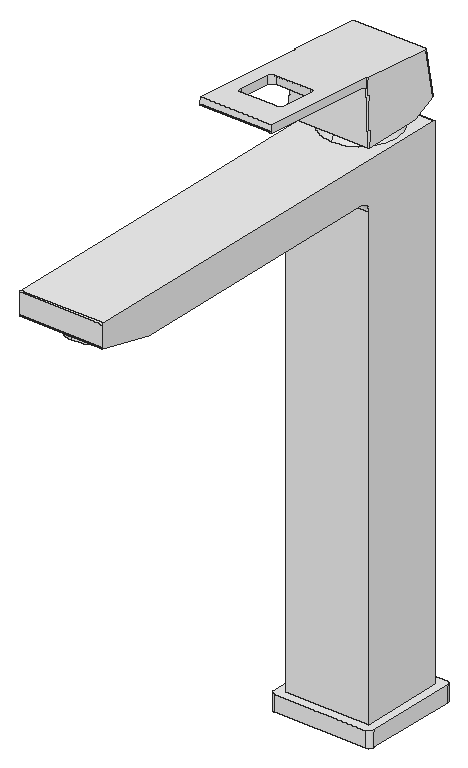
Revit family "Faucet-Lavatory-Grohe-Eurocube-23671_Series", category Plumbing Fixtures, Revit 2019
Family settings
  Round Connector Dimension = Use Diameter
  Part Type = Normal
  OmniClass Number = 23.45.55.14
  OmniClass Title = Single Faucets
  Work Plane-Based = Yes
  Always vertical = No
  Cut with Voids When Loaded = No
  Shared = Yes
  Room Calculation Point = No
Parameters (values of type "23671000")
  Waste Connection = no
  Warranty Information = "Limited lifetime warranty"
  WFU = 2  # constant formula
  Vent Connection = no
  URL = "https://www.grohe.us/"
  Tempered Water Connection = yes
  Revised Date = "06/01/2023"  # constant formula
  Product Page URL = "https://www.grohe.us/Vessel-Faucets/Single-Hole-Single-Handle-Deck-Mount-Vessel-Sink-Faucet-12-GPM/GROHE-CHROME-23671000"
  Product Documentation Link = "https://americanstandard.box.com/shared/static/cjx126ziiwddtka9b34hihuvhjseay32.pdf"
  Model = "23671000"
  Material = "Brass-Grohe-000-StarLight Chrome"
  Manufacturer = "Grohe"
  Length = 7 1/16"  # constant formula
  Installation Type = "Deck-Mounted"
  Height = 12 5/16"  # constant formula
  HWFU = 1.5  # constant formula
  HW Connection = no
  Flow Rate = "1.2 GPM"
  Finish = Brass-Grohe-000-StarLight Chrome
  Description = "Single Hole Single-Handle Deck Mount Vessel Sink Faucet 1.2 GPM"  # constant formula
  Default Elevation = 0"
  Creation Date = "02/06/2017"  # constant formula
  Connection Size = 3/8"  # constant formula
  Compliance Certifications = "• ADA • WaterSense • CEC Certified • Low Lead Certified • CALGreen Compliant • Massachusetts Plumbing Board Approved • Energy Policy Act of 1992 • NSF 61 • NSF 372 • CSA B125.1 • ASME A112.18.1 • Complies with lead plumbing laws"
  CalGreen Compliant = yes
  CWFU = 1.5  # constant formula
  CW Connection = no
  CEC Compliant = yes
  Assembly Code = "D2020300"
  ADA Compliant = yes
  48657 Vessel sink pop-up drain = no
  48656 Vessel sink pop-up drain = no
  46786000 Lever = yes
  46715000 Fitting Ring = yes
  46580000 Cartridge = yes
  28951 Grid Drain = no
Types (5): name | Product Page URL | Model | Material | Finish
  (no name) | "https://www.grohe.us/Vessel-Faucets/Single-Hole-Single-Handle-Deck-Mount-Vessel-Sink-Faucet-12-GPM/GROHE-CHROME-23671000" | "23671000" | "Brass-Grohe-000-StarLight Chrome" | Brass-Grohe-000-StarLight Chrome
  23671000 | "https://www.grohe.us/Vessel-Faucets/Single-Hole-Single-Handle-Deck-Mount-Vessel-Sink-Faucet-12-GPM/GROHE-CHROME-23671000" | "23671000" | "Brass-Grohe-000-StarLight Chrome" | Brass-Grohe-000-StarLight Chrome
  23671A00 | "https://www.grohe.us/Vessel-Faucets/Single-Hole-Single-Handle-Deck-Mount-Vessel-Sink-Faucet-12-GPM/GROHE-HARD-GRAPHITE-23671A00" | "23671A00" | "Brass-Grohe-A00-Hard Graphite" | Brass-Grohe-A00-Hard Graphite
  23671EN0 | "https://www.grohe.us/Vessel-Faucets/Single-Hole-Single-Handle-Deck-Mount-Vessel-Sink-Faucet-12-GPM/GROHE-BRUSHED-NICKEL-23671EN0" | "23671EN0" | "Brass-Grohe-EN0-Brushed Nickel" | Brass-Grohe-EN0-Brushed Nickel
  23671GN0 | "https://www.grohe.us/Vessel-Faucets/Single-Hole-Single-Handle-Deck-Mount-Vessel-Sink-Faucet-12-GPM/GROHE-CHROME-23671000" | "23671GN0" | "Brass-Grohe-GN0-Brushed Cool Sunrise" | Brass-Grohe-GN0-Brushed Cool Sunrise
Reference planes (in)
  plane 1 "Center (Front/Back)": y = 0
  plane 2: z = 0
  plane 3 "Center (Left/Right)": x = 0
  plane 4: x = -1.03125
  plane 5: x = 1.03125
  plane 6: y = 1.03125
  plane 7: y = -1.03125
  plane 8: x = -0.84646
  plane 9: x = 0.84646
  plane 10: x = -0.79326
  plane 11: x = 0.79326
  plane 12: y = -7.0625
  plane 13: z = 12.3125
  plane 14: z = 9.8125
  plane 15: y = -3.15347
Forms (in)
  Extrusion 1, solid, material "Brass-Grohe-000-StarLight Chrome" <- "Finish"
    sketch origin (0, 0, 0) x (1, 0, 0) y (0, 1, 0)
      loop
        arc (-0.93662, 1.03125) -> (-1.00353, 1.00353) -> (-1.03125, 0.93662) r 0.09463
        line (-1.03125, 0.93662) -> (-1.03125, -0.9375)
        arc (-1.03125, -0.9375) -> (-1.00379, -1.00379) -> (-0.9375, -1.03125) r 0.09375
        line (-0.9375, -1.03125) -> (0.9375, -1.03125)
        arc (0.9375, -1.03125) -> (1.00379, -1.00379) -> (1.03125, -0.9375) r 0.09375
        line (1.03125, -0.9375) -> (1.03125, 0.9375)
        arc (1.03125, 0.9375) -> (1.00379, 1.00379) -> (0.9375, 1.03125) r 0.09375
        line (0.9375, 1.03125) -> (-0.93662, 1.03125)
    from 0 to 0.31496
  Extrusion 2, solid, material "Brass-Grohe-000-StarLight Chrome" <- "Finish"
    sketch origin (0, 0, 0.64359) x (0, 1, 0) y (0, 0, 1)
      loop
        line (0.84646, -0.64359) -> (0.84646, 10.00596)
        arc (0.84646, 10.00596) -> (0.84013, 10.02123) -> (0.82485, 10.02756) r 0.0216
        line (0.82485, 10.02756) -> (-7.64802, 10.02756)
        arc (-7.64802, 10.02756) -> (-7.66271, 10.02147) -> (-7.6688, 10.00678) r 0.02078
        line (-7.6688, 10.00678) -> (-7.6688, 9.58648)
        arc (-7.6688, 9.58648) -> (-7.66337, 9.57082) -> (-7.64941, 9.56188) r 0.0253
        line (-7.64941, 9.56188) -> (-6.47559, 9.28007) -> (-1.04487, 9.28007)
        arc (-1.04487, 9.28007) -> (-0.90457, 9.22196) -> (-0.84646, 9.08166) r 0.19841
        line (-0.84646, 9.08166) -> (-0.84646, -0.64359) -> (0.84646, -0.64359)
    from -0.84646 to 0.84646
  Revolve 3, solid, material "Brass-Grohe-000-StarLight Chrome" <- "Finish"
    sketch origin (0, 0, 6.14374) x (0, 1, 0) y (0, 0, 1)
      loop
        line (0.48244, 4.84381) -> (0, 4.84381) -> (0, 4.36354) -> (0.78769, 4.36354)
        arc (0.78769, 4.36354) -> (0.67976, 4.63209) -> (0.48244, 4.84381) r 0.7908
      axis (0, 4.84381) -> (0, 4.36354)
    angle from 0 to 360
  Blend 4, solid, material "Brass-Grohe-000-StarLight Chrome" <- "Finish"
    base sketch origin (0, 0, 6.29218) x (1, 0, 0) y (0, 1, 0)
      loop
        arc (-0.82677, 0.84646) -> (-0.84069, 0.84069) -> (-0.84646, 0.82677) r 0.01969
        line (-0.84646, 0.82677) -> (-0.84646, -0.82677)
        arc (-0.84646, -0.82677) -> (-0.84069, -0.84069) -> (-0.82677, -0.84646) r 0.01969
        line (-0.82677, -0.84646) -> (0.82677, -0.84646)
        arc (0.82677, -0.84646) -> (0.84069, -0.84069) -> (0.84646, -0.82677) r 0.01969
        line (0.84646, -0.82677) -> (0.84646, 0.82677)
        arc (0.84646, 0.82677) -> (0.84069, 0.84069) -> (0.82677, 0.84646) r 0.01969
        line (0.82677, 0.84646) -> (-0.82677, 0.84646)
    top sketch origin (0, 0, 6.29218) x (1, 0, 0) y (0, 1, 0)
      loop
        line (0.68781, 0.72494) -> (-0.68837, 0.72494)
        arc (-0.68837, 0.72494) -> (-0.71835, 0.71252) -> (-0.73076, 0.68255) r 0.04239
        line (-0.73076, 0.68255) -> (-0.73076, -0.73275)
        arc (-0.73076, -0.73275) -> (-0.7239, -0.74932) -> (-0.70732, -0.75619) r 0.02344
        line (-0.70732, -0.75619) -> (0.70734, -0.75619)
        arc (0.70734, -0.75619) -> (0.72391, -0.74932) -> (0.73078, -0.73275) r 0.02344
        line (0.73078, -0.73275) -> (0.73078, 0.68197)
        arc (0.73078, 0.68197) -> (0.71819, 0.71235) -> (0.68781, 0.72494) r 0.04297
    from 4.60602 to 6.04523
  Extrusion 5, solid, material "Brass-Grohe-000-StarLight Chrome" <- "Finish"
    sketch origin (0, 0, 6.29218) x (0, 1, 0) y (0, 0, 1)
      loop
        line (-3.17275, 5.86172) -> (-0.86052, 5.67054)
        arc (-0.86052, 5.67054) -> (-0.78823, 5.63353) -> (-0.75692, 5.55861) r 0.11811
        line (-0.75692, 5.55861) -> (0.66793, 5.43395) -> (0.66793, 6.58648) -> (-3.10911, 6.58648) -> (-3.19477, 5.88879)
        arc (-3.19477, 5.88879) -> (-3.18952, 5.87057) -> (-3.17275, 5.86172) r 0.0242
    from -0.73076 to 0.73078
  Extrusion 6, void
    sketch origin (0, 0, 6.29218) x (0, 1, 0) y (0, 0, 1)
      loop
        line (0.82534, 5.68686) -> (0.82534, 6.69882) -> (-3.41045, 6.69882) -> (-3.41045, 6.0406) -> (0.82534, 5.68686)
    from -0.82591 to 0.84646
  Extrusion 7, void
    sketch origin (0, 0, 6.29218) x (1, 0, 0) y (0, 1, 0)
      loop
        line (-0.45276, -1.82688) -> (-0.45276, -2.50982)
        arc (-0.45276, -2.50982) -> (-0.42301, -2.58164) -> (-0.35119, -2.61139) r 0.10156
        line (-0.35119, -2.61139) -> (0.35119, -2.61139)
        arc (0.35119, -2.61139) -> (0.42301, -2.58164) -> (0.45276, -2.50982) r 0.10156
        line (0.45276, -2.50982) -> (0.45276, -1.82873)
        arc (0.45276, -1.82873) -> (0.42301, -1.75692) -> (0.35119, -1.72717) r 0.10156
        line (0.35119, -1.72717) -> (-0.35305, -1.72717)
        arc (-0.35305, -1.72717) -> (-0.42355, -1.75637) -> (-0.45276, -1.82688) r 0.09971
    from 5.36809 to 6.40603
  Extrusion 8, void
    sketch origin (0, 0, 5.5625) x (0, 1, 0) y (0, 0, 1)
      loop
        line (1.03125, 5.63579) -> (0, 5.18726) -> (1.03125, 5.18726) -> (1.03125, 5.63579)
    from -1.03125 to 1.03125
  Revolve 9, solid, material "Brass-Grohe-000-StarLight Chrome" <- "Finish"
    sketch origin (0, -1.46655, 6.15921) x (0, 1, 0) y (0, 0, 1)
      loop
        line (-5.93376, 3.79998) -> (-5.63115, 3.673) -> (-5.47813, 4.0335) -> (-5.90606, 4.21515) -> (-6.01403, 3.96079)
        arc (-6.01403, 3.96079) -> (-6.01432, 3.92724) -> (-5.99081, 3.90332) r 0.04383
        line (-5.99081, 3.90332) -> (-5.93021, 3.8776) -> (-5.93376, 3.79998)
      axis (-5.47813, 4.0335) -> (-5.63168, 3.67175)
    angle from 0 to 360
Cuts and joins
  Extrusion 6, Extrusion 8 cuts Blend 4
  Extrusion 6, Extrusion 7 cuts Extrusion 5
  joined: Extrusion 1, Extrusion 2, Revolve 3, Blend 4, Extrusion 5, Revolve 9
Lines and regions (in)
  Masking region 1
    outline origin (0, 0, 0) x (1, 0, 0) y (0, 1, 0)
      loop
        line (0.9375, 1.03125) -> (-0.93662, 1.03125)
        arc (-0.93662, 1.03125) -> (-1.00353, 1.00353) -> (-1.03125, 0.93662) r 0.09463
        line (-1.03125, 0.93662) -> (-1.03125, -0.9375)
        arc (-1.03125, -0.9375) -> (-1.00379, -1.00379) -> (-0.9375, -1.03125) r 0.09375
        line (-0.9375, -1.03125) -> (-0.84646, -1.03125) -> (-0.84646, -7.66044) -> (0.84646, -7.66044) -> (0.84646, -1.03125) -> (0.9375, -1.03125)
        arc (0.9375, -1.03125) -> (1.00379, -1.00379) -> (1.03125, -0.9375) r 0.09375
        line (1.03125, -0.9375) -> (1.03125, 0.9375)
        arc (1.03125, 0.9375) -> (1.00379, 1.00379) -> (0.9375, 1.03125) r 0.09375
  symbolic lines, detail levels medium+fine
    curve 1: line (-0.84646, -1.03125, 0) -> (-0.84646, 0.84646, 0)
    curve 2: line (0.84646, -1.03125, 0) -> (0.84646, 0.84646, 0)
    curve 3: line (0.84646, 0.84646, 0) -> (-0.84646, 0.84646, 0)
    curve 4: line (-0.73076, 0.72858, 0) -> (-0.73076, -3.15347, 0)
    curve 5: line (0.73078, -3.15347, 0) -> (0.73078, 0.72244, 0)
    curve 6: line (-0.73076, -3.15347, 0) -> (0.73078, -3.15347, 0)
    curve 7: line (-0.70438, 0.75496, 0) -> (0.69826, 0.75496, 0)
  symbolic lines, detail levels fine
    curve 8: arc (-0.70438, 0.75496, 0) -> (-0.72303, 0.74723, 0) -> (-0.73076, 0.72858, 0) r 0.02638
    curve 9: arc (0.69826, 0.75496, 0) -> (0.72126, 0.74544, 0) -> (0.73078, 0.72244, 0) r 0.03252
    curve 10: line (0.35119, -1.72717, 0) -> (-0.35305, -1.72717, 0)
    curve 11: line (-0.45276, -1.82688, 0) -> (-0.45276, -2.50982, 0)
    curve 12: line (-0.35119, -2.61139, 0) -> (0.35119, -2.61139, 0)
    curve 13: line (0.45276, -2.50982, 0) -> (0.45276, -1.82873, 0)
    curve 14: arc (0.45276, -1.82873, 0) -> (0.42301, -1.75692, 0) -> (0.35119, -1.72717, 0) r 0.10156
    curve 15: arc (-0.35305, -1.72717, 0) -> (-0.42355, -1.75637, 0) -> (-0.45276, -1.82688, 0) r 0.09971
    curve 16: arc (-0.45276, -2.50982, 0) -> (-0.42301, -2.58164, 0) -> (-0.35119, -2.61139, 0) r 0.10156
    curve 17: arc (0.35119, -2.61139, 0) -> (0.42301, -2.58164, 0) -> (0.45276, -2.50982, 0) r 0.10156
Dimensions and locks (in)
  equal spacing: plane 4, plane 3 "Center (Left/Right)", plane 5
  locked: plane 4 to plane 5 at 2.0625
  equal spacing: plane 7, plane 1 "Center (Front/Back)", plane 6
  locked: plane 7 to plane 6 at 2.0625
  "Length": plane 1 "Center (Front/Back)" to plane 12
  "Height": plane 13 to level
  locked: plane 14 to level at 9.8125
  aligned and locked: plane 6 to Extrusion 1 sketch curve
  aligned and locked: plane 7 to Extrusion 1 sketch curve
  aligned and locked: Extrusion 1 sketch curve to plane 4
  aligned and locked: Extrusion 1 sketch curve to plane 5
Automatic sketch dimensions
  curve 1 to plane 8 = 0"
  curve 2 to plane 7 = 0"
  curve 2 to plane 9 = 0"
  curve 1 to plane 7 = 0"
  plane 10 to curve 4 = 1/16"
  curve 4 to curve 8 = 0.02638"
  plane 10 to curve 11 = 0.3405"
  curve 11 to curve 15 = 0.09971"
  curve 16 to curve 12 = 13/128"
  plane 3 "Center (Left/Right)" to curve 10 = 0.35119"
  plane 3 "Center (Left/Right)" to curve 12 = 0.35119"
  curve 14 to curve 13 = 13/128"
  plane 11 to curve 7 = 0.095"
  plane 11 to curve 6 = 1/16"
  curve 10 to plane 7 = 0.69592"
  curve 16 to curve 15 = 0.68295"
  curve 4 to curve 16 = 0.54208"
  plane 8 to Extrusion 1 sketch curve = 0.09104"
  plane 8 to Extrusion 1 sketch curve = 0.09016"
  plane 9 to Extrusion 1 sketch curve = 0.09104"  (x2)
  Masking region 1 sketch curve to plane 4 = 0"
  Masking region 1 sketch curve to plane 7 = 0"  (x2)
  Masking region 1 sketch curve to plane 8 = 0"
  Masking region 1 sketch curve to plane 9 = 0"
  Masking region 1 sketch curve to plane 5 = 0"
  plane 8 to Masking region 1 sketch curve = 0.09104"
  plane 8 to Masking region 1 sketch curve = 0.09016"
  Masking region 1 sketch curve to Masking region 1 sketch curve = 0.09104"
  plane 9 to Masking region 1 sketch curve = 0.09104"
  plane 12 to Masking region 1 sketch curve = 0.59794"
  Extrusion 2 sketch curve to level = 0"
  plane 12 to Extrusion 2 sketch curve = 0.6063"
  plane 14 to Extrusion 2 sketch curve = 0.39297"
  Extrusion 2 sketch curve to Extrusion 2 sketch curve = 0.01939"
  Extrusion 2 sketch curve to Extrusion 2 sketch curve = 0.02078"
  Extrusion 2 sketch curve to Extrusion 2 sketch curve = 0.0253"
  plane 14 to Extrusion 2 sketch curve = 0.11116"
  Extrusion 2 sketch curve to plane 12 = 0.58691"
  Extrusion 2 sketch curve to plane 7 = 0.01362"
  plane 7 to Extrusion 2 sketch curve = 0.18479"
  plane 6 to Extrusion 2 sketch curve = 0.2064"
  plane 6 to Extrusion 2 sketch curve = 0.18479"
  plane 14 to Extrusion 2 sketch curve = 0.83704"
  Revolve 3 sketch curve to plane 1 "Center (Front/Back)" = 0"  (x2)
  Revolve 3 sketch curve to plane 1 "Center (Front/Back)" = 0.01235"
  Revolve 3 sketch curve to Revolve 3 sketch curve = 0.48244"
  plane 6 to Revolve 3 sketch curve = 0.24356"
  plane 14 to Revolve 3 sketch curve = 0.53914"
  Revolve 3 sketch curve to Revolve 3 sketch curve = 0.15564"
  Revolve 3 sketch curve to Revolve 3 sketch curve = 0.36728"
  Revolve 3 sketch curve to Revolve 3 sketch curve = 0.07697"
  Blend 4 sketch curve to plane 8 = 0"
  Blend 4 sketch curve to plane 9 = 0"
  Blend 4 sketch curve to plane 8 = 0.01969"  (x2)
  Blend 4 sketch curve to plane 9 = 0.01969"
  Blend 4 sketch curve to Blend 4 sketch curve = 0.01969"
  plane 7 to Blend 4 sketch curve = 0.18479"
  plane 6 to Blend 4 sketch curve = 0.20448"
  plane 10 to Blend 4 sketch curve = 1/16"
  Blend 4 sketch curve to Blend 4 sketch curve = 3/128"
  Blend 4 sketch curve to Blend 4 sketch curve = 0.04239"
  plane 11 to Blend 4 sketch curve = 27/256"
  plane 11 to Blend 4 sketch curve = 11/128"
  Blend 4 sketch curve to Blend 4 sketch curve = 11/256"
  plane 7 to Blend 4 sketch curve = 0.27506"
  plane 6 to Blend 4 sketch curve = 0.34928"
  plane 10 to Extrusion 7 sketch curve = 0.3405"
  Extrusion 7 sketch curve to Extrusion 7 sketch curve = 0.09971"
  Extrusion 7 sketch curve to Extrusion 7 sketch curve = 13/128"  (x2)
  plane 3 "Center (Left/Right)" to Extrusion 7 sketch curve = 0.35119"  (x2)
  Extrusion 7 sketch curve to plane 7 = 1.58014"
  Extrusion 7 sketch curve to Extrusion 7 sketch curve = 0.68109"
  Extrusion 8 sketch curve to plane 1 "Center (Front/Back)" = 0"
  Extrusion 8 sketch curve to plane 6 = 0"
  plane 14 to Extrusion 8 sketch curve = 0.93726"
  Extrusion 8 sketch curve to Extrusion 8 sketch curve = 0.44854"
  plane 12 to Revolve 9 sketch curve = 0.41808"
  plane 14 to Revolve 9 sketch curve = 0.25003"
  Revolve 9 sketch curve to Revolve 9 sketch curve = 0.02322"
  Revolve 9 sketch curve to Revolve 9 sketch curve = 0.04035"  (x2)
  plane 14 to Revolve 9 sketch curve = 0.14669"
  Revolve 9 sketch curve to Revolve 9 sketch curve = 0.05705"
  Revolve 9 sketch curve to Revolve 9 sketch curve = 0.06059"
  Revolve 9 sketch curve to Revolve 9 sketch curve = 0.10797"
  plane 12 to Revolve 9 sketch curve = 0.03521"
  Revolve 9 sketch curve to plane 12 = 0.11782"
  plane 14 to Revolve 9 sketch curve = 0.01971"
  Revolve 9 sketch curve to Revolve 9 sketch curve = 0.02572"
  plane 12 to Revolve 9 sketch curve = 0.12045"
  plane 12 to Revolve 9 sketch curve = 0.06923"
  Revolve 9 sketch curve to plane 14 = 0.06044"
  Revolve 9 sketch curve to Revolve 9 sketch curve = 0.12066"
  plane 15 to Extrusion 6 sketch curve = 0.25698"
  Extrusion 6 sketch curve to plane 13 = 0.33347"
  plane 13 to Extrusion 6 sketch curve = 0.6785"
  Extrusion 5 sketch curve to plane 13 = 0.13153"
  Extrusion 5 sketch curve to plane 7 = 2.16352"
  Extrusion 5 sketch curve to plane 13 = 0.1586"
  Extrusion 5 sketch curve to Extrusion 5 sketch curve = 0.02202"
  Extrusion 5 sketch curve to Extrusion 5 sketch curve = 0.00199"
  Extrusion 5 sketch curve to Extrusion 5 sketch curve = 0.08567"
  plane 7 to Extrusion 5 sketch curve = 0.15634"
  Extrusion 5 sketch curve to Extrusion 5 sketch curve = 0.01439"
  Extrusion 5 sketch curve to Extrusion 5 sketch curve = 0.11799"
  plane 6 to Extrusion 5 sketch curve = 0.36332"
  Extrusion 5 sketch curve to plane 13 = 0.34979"
  Extrusion 5 sketch curve to Extrusion 5 sketch curve = 0.11193"
  Extrusion 5 sketch curve to plane 13 = 0.58637"
  plane 13 to Extrusion 5 sketch curve = 0.56616"
  plane 13 to Extrusion 6 sketch curve = 0.02027"
  plane 6 to Extrusion 6 sketch curve = 0.20591"
  plane 6 to curve 3 = 0.18479"
  curve 4 to curve 1 = 0.11788"
  plane 6 to Masking region 1 sketch curve = 0"
Connectors (in)
  piping at (0.00011, -0.00011, 0), diameter 0.375, driven by "Connection Size"
    settings: on cut or joined group of Extrusion 1, Extrusion 2, Revolve 3, Blend 4, Extrusion 5, Extrusion 6, Extrusion 7, Extrusion 8, Revolve 9, index 1, connector inside diameter 24", connector length 0", flow factor 0, pipe flow 1.2 GPM, pressure drop 0.00 psi, fitting loss kfactor 0, connector angle 0.00°, fixture units 0, engagement length 0", angle of deflection 0.00°, flow configuration 0, flow direction 1, fitting loss method 0, system type 29, joint type 0, gender type 0, connector reference index -1, connector utility 0, adjustable connector no, is connector primary yes, connector description "3/8\" Inlet Connection Supply"
